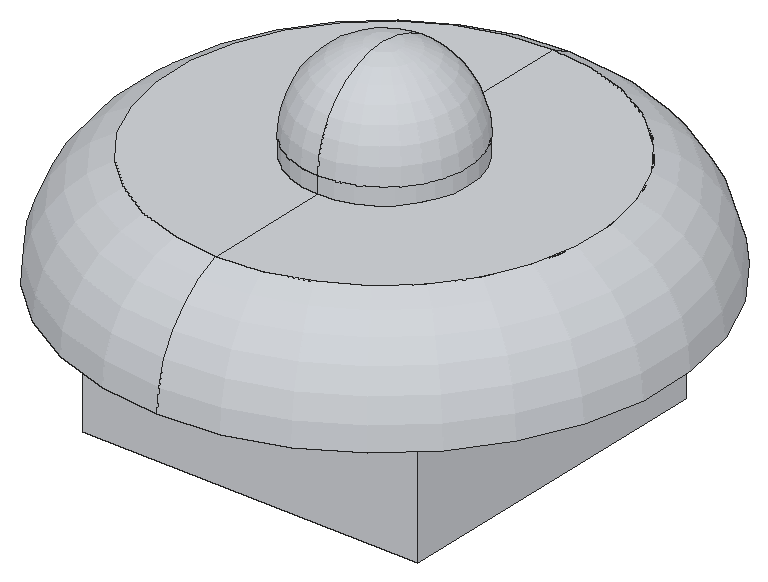
Revit family "cb44005779b741e1bd4007dcc5fa15da", category Fire Alarm Devices, host Face, Revit 2021
Family settings
  Host = Face
  Maintain Annotation Orientation = Yes
  Round Connector Dimension = Use Diameter
  Part Type = Normal
  OmniClass Number = 23.85.30.21.11.17
  OmniClass Title = Other Components
  Seek Item ID = Fire Alarm Horn Strobe - Ceiling Mounted-0000-USA-ENU
  Cut with Voids When Loaded = No
  Shared = No
  Room Calculation Point = No
Parameters (values of type "Standard")
  Horn Material = none
  Default Elevation = 4' - 0"
Reference planes (in)
  plane 1 "Center (Front/Back)": y = 0
  plane 2: z = 0
  plane 3 "Center (Left/Right)": x = 0
  plane 4: z = -1.5
  plane 5: z = 1.3
  plane 6: z = 2.5
  plane 7: x = 3.4
  plane 8: x = -3.4
  plane 9: y = 3.4
  plane 10: y = -3.4
  plane 11: z = 1.5
Forms (in)
  Extrusion 1, solid, material <- "Horn Material"
    sketch origin (0, 0, 0) x (1, 0, 0) y (0, 1, 0)
      loop
        line (-2, 2) -> (-2, -2) -> (2, -2) -> (2, 2) -> (-2, 2)
    from 0 to -1.5
  Revolve 2, solid, material <- "Horn Material"
    sketch origin (0, 0, 0) x (0, 1, 0) y (0, 0, 1)
      loop
        arc (3.4, 0) -> (3.15919, 0.78503) -> (2.51962, 1.3) r 1.4
        line (2.51962, 1.3) -> (0, 1.3) -> (0, 0) -> (3.4, 0)
      axis (0, 1.3) -> (0, 0)
    angle from 0 to 360
  Revolve 3, solid, material <- "Horn Material"
    sketch origin (0, 0, 0) x (0, 1, 0) y (0, 0, 1)
      loop
        line (0, 2.5) -> (0, 1.3) -> (1, 1.3) -> (1, 1.5)
        arc (1, 1.5) -> (0.70711, 2.20711) -> (0, 2.5) r 1
      axis (0, 2.5) -> (0, 1.3)
    angle from 0 to 360
Cuts and joins
  joined: Extrusion 1, Revolve 2, Revolve 3
Lines and regions (in)
  symbolic lines, detail levels fine
    curve 1: arc (0, -1, 0) -> (1, 0, 0) -> (0, 1, 0) r 1
    curve 2: arc (0, 1, 0) -> (-1, 0, 0) -> (0, -1, 0) r 1
    curve 3: arc (0, 2.51962, 0) -> (-2.51962, 0, 0) -> (0, -2.51962, 0) r 2.51962
    curve 4: arc (0, -2.51962, 0) -> (2.51962, 0, 0) -> (0, 2.51962, 0) r 2.51962
    curve 5: arc (0, 3.4, 0) -> (3.4, 0, 0) -> (0, -3.4, 0) r 3.4
    curve 6: arc (0, -3.4, 0) -> (-3.4, 0, 0) -> (0, 3.4, 0) r 3.4
Dimensions and locks (in)
  locked: plane 2 to plane 4 at 1.5
  equal spacing: Extrusion 1 sketch curve, plane 3 "Center (Left/Right)", Extrusion 1 sketch curve
  locked: Extrusion 1 sketch curve to Extrusion 1 sketch curve at 4  (x2)
  equal spacing: Extrusion 1 sketch curve, plane 1 "Center (Front/Back)", Extrusion 1 sketch curve
  locked: plane 5 to plane 2 at 1.3
  locked: plane 6 to plane 2 at 2.5
  equal spacing: plane 10, plane 1 "Center (Front/Back)", plane 9
  locked: plane 10 to plane 9 at 6.8
  equal spacing: plane 8, plane 3 "Center (Left/Right)", plane 7
  locked: plane 8 to plane 7 at 6.8
  locked: plane 6 to plane 11 at 1
  aligned and locked: plane 2 to host face
  aligned and locked: level to host face
  aligned and locked: Extrusion 1 to plane 4
  aligned and locked: plane 2 to Extrusion 1
  aligned and locked: Revolve 2 sketch curve to plane 2
  aligned and locked: plane 5 to Revolve 2 sketch curve
  aligned and locked: plane 1 "Center (Front/Back)" to Revolve 2 sketch curve
  aligned and locked: plane 1 "Center (Front/Back)" to Revolve 3 sketch curve  (x2)
  aligned and locked: Revolve 3 sketch curve to plane 5
  aligned and locked: plane 11 to Revolve 3 sketch curve
  aligned and locked: curve 1 to cut or joined group of Extrusion 1, Revolve 2, Revolve 3
  aligned and locked: curve 2 to cut or joined group of Extrusion 1, Revolve 2, Revolve 3
  aligned and locked: curve 3 to cut or joined group of Extrusion 1, Revolve 2, Revolve 3
  aligned and locked: curve 4 to cut or joined group of Extrusion 1, Revolve 2, Revolve 3
  aligned and locked: curve 5 to cut or joined group of Extrusion 1, Revolve 2, Revolve 3
  aligned and locked: curve 6 to cut or joined group of Extrusion 1, Revolve 2, Revolve 3
  aligned and locked: nested 1 to plane 3 "Center (Left/Right)"
  aligned and locked: nested 1 to plane 1 "Center (Front/Back)"
Automatic sketch dimensions
  host sketch curve to host sketch curve = 8' - 0"  (x2)
  Revolve 2 sketch curve to plane 1 "Center (Front/Back)" = 0' - 0"
  Revolve 2 sketch curve to plane 9 = 0' - 0"
  Revolve 2 sketch curve to Revolve 2 sketch curve = 0' - 1.4"
  Revolve 2 sketch curve to plane 4 = 0' - 2.95"
  Revolve 2 sketch curve to plane 6 = 0' - 1.05"
  plane 6 to Revolve 3 sketch curve = 0' - 0"
  plane 4 to Revolve 3 sketch curve = 0' - 0.63477"
  Revolve 3 sketch curve to plane 6 = 0' - 1.38477"
Nested families (in)
  nested 1: "Fire Alarm Horn Strobe Annotation 2" at (0, 0, 0) x (-1, 0, 0) z (0, 0, 1), type "Fire Alarm Horn Strobe Annotation 2", detail levels coarse+medium
Connectors (in)
  electrical at (0, 2, -0.6)
    settings: on cut or joined group of Extrusion 1, Revolve 2, Revolve 3, index 1, voltage 0 V, apparent load 0 VA, apparent load phase1 0 VA, apparent load phase2 0 VA, apparent load phase3 0 VA, power factor 1, load classification "Other", number of poles 1, system type 11, power factor state 1, is connector primary yes, connector utility no, sub classification motor no, connector description ""
Definition of nested family "Fire Alarm Horn Strobe Annotation 2"
  Parameters
    Label Annotation = "F"
  Reference planes (in)
    plane 1: y = 0
    plane 2: x = 0
  Lines and regions (in)
    reference lines
      curve 1: line (-0.125, 1.21278, 0) -> (-0.125, -0.18568, 0)
      curve 2: line (0, 1.42732, 0) -> (0, -0.18568, 0)
      curve 3: line (-0.26347, 0.0625, 0) -> (0.40962, 0.0625, 0)
      curve 8: line (0.125, 0.24779, 0) -> (0.125, -0.14868, 0)
      curve 9: line (-0.38863, 0, 0) -> (0.82867, 0, 0)
      curve 10: line (0.0625, 0.10909, 0) -> (0.0625, -0.17019, 0)
    detail lines
      curve 4: line (-0.125, 0.0625, 0) -> (0, 0.0625, 0)
      curve 5: line (-0.125, -0.0625, 0) -> (-0.125, 0.0625, 0)
      curve 6: line (0, -0.0625, 0) -> (-0.125, -0.0625, 0)
      curve 7: line (0, 0.0625, 0) -> (0, -0.0625, 0)
      curve 11: circle (0.0625, 0, 0) r 0.0625 normal (0, 0, 1)
      curve 12: line (0, 0.0625, 0) -> (0.01831, 0.04419, 0)
      curve 13: line (0.125, 0.0625, 0) -> (0.10669, 0.04419, 0)
      curve 14: line (0, -0.0625, 0) -> (0.01831, -0.04419, 0)
      curve 15: line (0.125, -0.0625, 0) -> (0.10669, -0.04419, 0)
  Text (in)
    label "F" at (-0.104, -0.00657, 0), shows "Label Annotation"
  Dimensions and locks (in)
    locked: curve 2 to curve 8 at 0.125
    locked: curve 1 to curve 2 at 0.125
    locked: curve 2 to plane 2
    locked: curve 2 to curve 10 at 0.0625
    locked: curve 9 to curve 3 at 0.0625
    aligned and locked: curve 3 to curve 4
    aligned and locked: curve 2 to curve 7
    aligned: curve 6 to plane 1
    aligned and locked: curve 5 to curve 1
    aligned and locked: curve 9 to curve 11
    aligned and locked: curve 10 to curve 11
